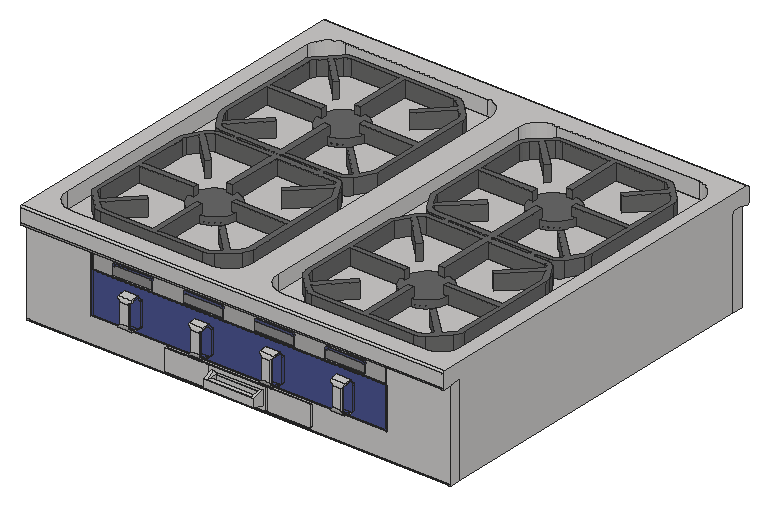
Revit family "QF_ELECTROLUXPROFESSIONAL_589082_MCGHAAJOPI", category Specialty Equipment, Revit 2018
Family settings
  Round Connector Dimension = Use Diameter
  Part Type = Normal
  Work Plane-Based = No
  Always vertical = Yes
  Cut with Voids When Loaded = No
  Shared = No
  Room Calculation Point = No
Parameters
  Weight in Pounds = 180.77
  Watts = 0 W
  URL Cutsheet = ""
  Type Mark [instance] = ""
  Status [instance] = ""
  Specification by User [instance] = ""
  Specification by Manufacturer = ""
  Show Clearance [instance] = yes
  Serial Number = ""
  Seismic Rating = ""
  SMACNA No = ""
  Revision Code [instance] = ""
  Omniclass Number and Title = ""
  NAFEM Spec ID Number = ""
  Model = "589082"
  Mechanical Remarks [instance] = ""
  Mechanical Connection Type [instance] = ""
  Masterspec = ""
  Manufacturer = "ELECTROLUX"
  Item Number [instance] = ""
  Installed By [instance] = ""
  Identify Quantity as Lot [instance] = yes
  HP = "0 HP"
  Gas Size = 1/2"
  Gas RI Height [instance] = 0 mm
  Gas KW = 40
  Gas Input = 136360.0 Btu/h
  Gas Connection Height [instance] = 0 mm
  Furnished By [instance] = ""
  Foodservice Equipment Identifier [instance] = yes
  Direct Waste Size = 0"
  Description = "GAS TOP,4 BURNERS,ECO,1-S,1000X900X250H"
  CSI MasterFormat = ""
  CSI Master Format = ""
  Back Panel [instance] = yes
Reference planes
  plane 1 "BACK": y = 0
  plane 2: z = 0
  plane 3 "LEFT": x = 0
  plane 4 "RIGHT": x = 1000
  plane 5 "FRONT": y = -900
  plane 6 "TOP": z = 250
  plane 7: x = 500
  plane 8: y = -450
  plane 9: x = 965
  plane 10: y = -60.425
  plane 11: y = -1330
Forms (mm)
  Extrusion 1, solid, material "QF_Finishes_Stainless Steel"
    sketch origin (0, -487.128, 0) x (0, 1, 0) y (0, 0, 1)
      loop
        line (483.128, 250) -> (-408.872, 250)
        arc (-408.872, 250) -> (-411.7, 248.828) -> (-412.872, 246) r 4
        line (-412.872, 246) -> (-412.872, 214)
        arc (-412.872, 214) -> (-411.437, 210.931) -> (-408.161, 210.064) r 4
        line (-408.161, 210.064) -> (-392.872, 213) -> (-367.872, 213) -> (-367.872, 0) -> (441.714, 0) -> (441.714, 213) -> (465.765, 213) -> (482.433, 210.061)
        arc (482.433, 210.061) -> (485.699, 210.936) -> (487.128, 214) r 4
        line (487.128, 214) -> (487.128, 246)
        arc (487.128, 246) -> (485.956, 248.828) -> (483.128, 250) r 4
    from 0 to 1000
  Extrusion 2, solid, material "QF_Finishes_Stainless Steel", visible <- "Back Panel"
    sketch origin (0, 0.586, 0) x (0, 1, 0) y (0, 0, 1)
      loop
        line (-46, 0) -> (-21, 0) -> (-21, 212.833) -> (-21.949, 213) -> (-46, 213) -> (-46, 0)
    from 0 to 1000
  Extrusion 3, void
    sketch origin (653.786, 44.048, 250) x (1, 0, 0) y (0, -1, 0)
      loop
        line (-570.234, 89.462) -> (-234.333, 89.462)
        arc (-234.333, 89.462) -> (-199.707, 103.805) -> (-185.364, 138.432) r 48.97
        line (-185.364, 138.432) -> (-185.364, 850.078)
        arc (-185.364, 850.078) -> (-199.707, 884.705) -> (-234.333, 899.048) r 48.97
        line (-234.333, 899.048) -> (-570.234, 899.048)
        arc (-570.234, 899.048) -> (-605.59, 884.403) -> (-620.234, 849.048) r 50
        line (-620.234, 849.048) -> (-620.234, 139.462)
        arc (-620.234, 139.462) -> (-605.59, 104.107) -> (-570.234, 89.462) r 50
      loop
        line (264.679, 899.048) -> (-71.222, 899.048)
        arc (-71.222, 899.048) -> (-106.577, 884.403) -> (-121.222, 849.048) r 50
        line (-121.222, 849.048) -> (-121.222, 139.462)
        arc (-121.222, 139.462) -> (-106.577, 104.107) -> (-71.222, 89.462) r 50
        line (-71.222, 89.462) -> (264.679, 89.462)
        arc (264.679, 89.462) -> (299.306, 103.805) -> (313.649, 138.432) r 48.97
        line (313.649, 138.432) -> (313.649, 850.078)
        arc (313.649, 850.078) -> (299.306, 884.705) -> (264.679, 899.048) r 48.97
    from 0 to 37
  Extrusion 4, solid, material "QF_Finishes_Stainless Steel"
    sketch origin (10, -759, 0) x (1, 0, 0) y (0, -1, 0)
      loop
        circle (955, -169) r 6.35
    from 0 to 3.2
  Extrusion 5, solid, material "QF_Door-Drawer Clearances", visible <- "Show Clearance", detail levels coarse
    sketch origin (-178.969, -4572, 0) x (-1, 0, 0) y (0, -1, 0)
      loop
        line (-507.364, -3689.407) -> (-507.364, -3242) -> (-851.364, -3242) -> (-851.364, -3689.407) -> (-507.364, -3689.407)
    from 8.012 to 59.392
Cuts and joins
  Extrusion 3 cuts Extrusion 1
Lines and regions (mm)
  symbolic lines
    curve 1: line (0, 0, 0) -> (1000, 0, 0)
    curve 2: line (0, -900, 0) -> (0, 0, 0)
    curve 3: line (1000, -900, 0) -> (0, -900, 0)
    curve 4: line (1000, 0, 0) -> (1000, -900, 0)
    curve 5: arc (83.552, -855, 0) -> (48.197, -840.355, 0) -> (33.552, -805, 0) r 50
    curve 6: line (33.552, -805, 0) -> (33.552, -95.414, 0)
    curve 7: arc (33.552, -95.414, 0) -> (48.197, -60.059, 0) -> (83.552, -45.414, 0) r 50
    curve 8: line (83.552, -45.414, 0) -> (417.592, -45.414, 0)
    curve 9: arc (918.465, -45.414, 0) -> (953.092, -59.757, 0) -> (967.435, -94.384, 0) r 48.97
    curve 10: line (967.435, -94.384, 0) -> (967.435, -806.03, 0)
    curve 11: arc (967.435, -806.03, 0) -> (953.092, -840.657, 0) -> (918.465, -855, 0) r 48.97
    curve 12: line (918.465, -855, 0) -> (582.408, -855, 0)
    curve 13: line (582.408, -45.414, 0) -> (918.465, -45.414, 0)
    curve 14: line (417.592, -855, 0) -> (83.552, -855, 0)
    curve 15: arc (582.408, -855, 0) -> (547.053, -840.355, 0) -> (532.408, -805, 0) r 50
    curve 16: line (532.408, -805, 0) -> (532.408, -95.414, 0)
    curve 17: arc (532.408, -95.414, 0) -> (547.053, -60.059, 0) -> (582.408, -45.414, 0) r 50
    curve 18: arc (417.592, -855, 0) -> (452.947, -840.355, 0) -> (467.592, -805, 0) r 50
    curve 19: line (467.592, -805, 0) -> (467.592, -95.414, 0)
    curve 20: arc (467.592, -95.414, 0) -> (452.947, -60.059, 0) -> (417.592, -45.414, 0) r 50
  symbolic lines, style "QF_Door-Drawer Clearances"
    curve 21: line (328.395, -900, 0) -> (328.395, -1330, 0)
    curve 22: line (328.395, -1330, 0) -> (672.395, -1330, 0)
    curve 23: line (672.395, -1330, 0) -> (672.395, -900, 0)
Dimensions and locks
  plane 3 "LEFT" to plane 4 "RIGHT" = 1000 mm
  plane 5 "FRONT" to plane 1 "BACK" = 900 mm
  equal spacing: plane 3 "LEFT", plane 7, plane 4 "RIGHT"
  equal spacing: plane 5 "FRONT", plane 8, plane 1 "BACK"
  plane 6 "TOP" to level = 250 mm  (x2)
  plane 1 "BACK" to plane 5 "FRONT" = 900 mm
  Extrusion 4 sketch curve to plane 1 "BACK" = 590 mm
  Extrusion 4 sketch curve to plane 4 "RIGHT" = 35 mm
  plane 1 "BACK" to Extrusion 4 = 590 mm
  plane 9 to plane 4 "RIGHT" = 35 mm
  plane 5 "FRONT" to plane 11 = 430 mm
  aligned and locked: level to plane 2
  aligned and locked: Extrusion 1 to plane 4 "RIGHT"
Automatic sketch dimensions
  Extrusion 1 sketch curve to plane 5 "FRONT" = 0 mm
  Extrusion 1 sketch curve to plane 6 "TOP" = 0 mm
  Extrusion 1 sketch curve to level = 0 mm
  Extrusion 1 sketch curve to plane 1 "BACK" = 0 mm
  Extrusion 1 sketch curve to plane 6 "TOP" = 37 mm  (x2)
  Extrusion 1 sketch curve to plane 5 "FRONT" = 4 mm
  Extrusion 1 sketch curve to plane 5 "FRONT" = 20 mm
  Extrusion 1 sketch curve to plane 5 "FRONT" = 45 mm
  plane 1 "BACK" to Extrusion 1 sketch curve = 21.363 mm
  plane 1 "BACK" to Extrusion 1 sketch curve = 4 mm  (x2)
  Extrusion 1 sketch curve to Extrusion 1 sketch curve = 4 mm
  Extrusion 1 sketch curve to Extrusion 1 sketch curve = 0.711 mm
  plane 1 "BACK" to Extrusion 1 sketch curve = 4.695 mm
  Extrusion 1 sketch curve to Extrusion 1 sketch curve = 0 mm  (x2)
  Extrusion 1 sketch curve to Extrusion 1 sketch curve = 1 mm  (x2)
  plane 1 "BACK" to Extrusion 1 sketch curve = 45.414 mm
  Extrusion 2 sketch curve to level = 0 mm
  plane 10 to Extrusion 2 sketch curve = 15.012 mm
  Extrusion 2 sketch curve to plane 6 "TOP" = 37.167 mm
  Extrusion 2 sketch curve to Extrusion 2 sketch curve = 0.949 mm
  plane 1 "BACK" to Extrusion 2 sketch curve = 20.414 mm
  Extrusion 2 sketch curve to plane 6 "TOP" = 37 mm
  plane 1 "BACK" to curve 1 = 0 mm
  curve 1 to plane 4 "RIGHT" = 0 mm
  curve 3 to plane 3 "LEFT" = 0 mm
  plane 5 "FRONT" to curve 3 = 0 mm
  curve 10 to plane 9 = 2.435 mm
  plane 10 to curve 13 = 15.012 mm
  plane 9 to curve 13 = 46.535 mm
  plane 9 to curve 12 = 46.535 mm
  plane 7 to curve 16 = 32.408 mm
  curve 19 to plane 7 = 32.408 mm
  plane 3 "LEFT" to curve 8 = 83.552 mm
  plane 3 "LEFT" to curve 14 = 83.552 mm
  plane 3 "LEFT" to curve 6 = 33.552 mm
  curve 15 to curve 16 = 50 mm
  curve 20 to plane 10 = 34.988 mm
  curve 18 to plane 5 "FRONT" = 45 mm
  curve 19 to curve 18 = 50 mm
  Extrusion 1 to Extrusion 3 sketch curve = 33.552 mm
  Extrusion 1 to Extrusion 3 sketch curve = 41 mm  (x2)
  Extrusion 3 sketch curve to Extrusion 3 sketch curve = 50 mm  (x4)
  Extrusion 1 to Extrusion 3 sketch curve = 41.414 mm
  Extrusion 3 sketch curve to Extrusion 3 sketch curve = 335.901 mm  (x2)
  Extrusion 3 sketch curve to Extrusion 3 sketch curve = 48.97 mm
  Extrusion 3 sketch curve to Extrusion 3 sketch curve = 64.142 mm
  Extrusion 1 to Extrusion 3 sketch curve = 81.535 mm  (x2)
  Extrusion 1 to Extrusion 3 sketch curve = 32.565 mm
  Extrusion 3 sketch curve to Extrusion 3 sketch curve = 1.03 mm
  curve 18 to curve 16 = 0 mm
  plane 10 to curve 8 = 15.012 mm
  curve 16 to plane 10 = 34.988 mm
  Extrusion 5 sketch curve to plane 5 "FRONT" = 17.407 mm
  plane 7 to Extrusion 5 sketch curve = 172.395 mm
  Extrusion 5 sketch curve to plane 7 = 171.605 mm
  plane 5 "FRONT" to Extrusion 5 sketch curve = 430 mm
  curve 21 to plane 11 = 0 mm
  curve 21 to plane 7 = 171.605 mm
  plane 7 to curve 22 = 172.395 mm
  curve 21 to plane 5 "FRONT" = 0 mm
  curve 23 to plane 5 "FRONT" = 0 mm
  radius of Extrusion 4 sketch curve = 6.35 mm
Nested families
  nested 1: "OBT_900_Open Burner" at (250, -450.207, -649.319), type "OBT_900_Open Burner"
  nested 2: "OBT_900_Open Burner" at (750, -450.207, -649.319) x (-1, 0, 0) z (0, 0, 1), type "OBT_900_Open Burner"
  nested 3: "EG_900_1000_Four Range Control Handle Front Panel" at (202.376, -855, -650), type "EG_900_1000_Four Range Control Handle Front Panel"
Connectors
  piping at (965, -590, -3.2), diameter 12.8
    settings: on Extrusion 4, index 1, connector inside diameter 0.50394", connector length 0 mm, flow factor 0, pipe flow 0 GPM, pressure drop 0.00 psi, fitting loss kfactor 0, connector angle 0.00°, fixture units 0, engagement length 0 mm, angle of deflection 0.00°, flow configuration 1, flow direction 1, fitting loss method 0, system type 7, joint type 0, gender type 0, connector reference index -1, connector utility 0, adjustable connector no, is connector primary yes, connector description "GAS CONNECTION"
Definition of nested family "OBT_900_Open Burner"
  Reference planes
    plane 1 "Center (Front/Back)": y = 0
    plane 2: z = 0
    plane 3 "Center (Left/Right)": x = 0
    plane 4: x = -186.448
    plane 5: x = 187.435
    plane 6: y = 374.793
    plane 7: y = -374.793
    plane 8: y = -188.326
  Forms (mm)
    Extrusion 1, solid
      sketch origin (2130.573, 56.896, -679.622) x (1, 0, 0) y (0, 1, 0)
        loop
          line (-2137.44, 306.49) -> (-2250.793, 306.49)
          arc (-2250.793, 306.49) -> (-2257.908, 305.075) -> (-2263.94, 301.044) r 18.593
          line (-2263.94, 301.044) -> (-2276.233, 288.751) -> (-2213.48, 225.998) -> (-2221.6, 217.877) -> (-2284.354, 280.631) -> (-2300.33, 264.654)
          arc (-2300.33, 264.654) -> (-2304.433, 258.337) -> (-2305.614, 250.897) r 18.125
          line (-2305.614, 250.897) -> (-2305.614, 138.422) -> (-2175.79, 138.422) -> (-2175.79, 126.938) -> (-2305.614, 126.938) -> (-2305.614, 10.897)
          arc (-2305.614, 10.897) -> (-2304.981, 6.085) -> (-2303.123, 1.601) r 18.593
          line (-2303.123, 1.601) -> (-2290.078, -20.994) -> (-2221.6, 47.483) -> (-2213.48, 39.363) -> (-2284.012, -31.169)
          arc (-2284.012, -31.169) -> (-2278.546, -38.527) -> (-2270.23, -42.379) r 18.593
          line (-2270.23, -42.379) -> (-2137.44, -42.379) -> (-2137.44, 87.464) -> (-2123.707, 87.464) -> (-2123.707, -42.379) -> (-1989.813, -42.379)
          arc (-1989.813, -42.379) -> (-1981.496, -38.527) -> (-1976.031, -31.169) r 18.593
          line (-1976.031, -31.169) -> (-2047.115, 39.915) -> (-2038.994, 48.035) -> (-1969.962, -20.997) -> (-1954.428, 5.916) -> (-1954.428, 126.938) -> (-2085.357, 126.938) -> (-2085.357, 138.422) -> (-1954.428, 138.422) -> (-1954.428, 247.888)
          arc (-1954.428, 247.888) -> (-1956.538, 258.496) -> (-1962.547, 267.489) r 27.72
          line (-1962.547, 267.489) -> (-1975.689, 280.631) -> (-2038.994, 217.325) -> (-2047.115, 225.446) -> (-1983.809, 288.751) -> (-1996.102, 301.044)
          arc (-1996.102, 301.044) -> (-2002.134, 305.075) -> (-2009.25, 306.49) r 18.593
          line (-2009.25, 306.49) -> (-2123.707, 306.49) -> (-2123.707, 177.897) -> (-2137.44, 177.897) -> (-2137.44, 306.49)
        loop
          arc (-2317.021, 10.897) -> (-2315.999, 3.132) -> (-2313.002, -4.103) r 30
          line (-2313.002, -4.103) -> (-2292.795, -39.103)
          arc (-2292.795, -39.103) -> (-2281.814, -50.084) -> (-2266.814, -54.103) r 30
          line (-2266.814, -54.103) -> (-2239.287, -54.103)
          arc (-2239.287, -54.103) -> (-2238.243, -56) -> (-2236.272, -56.896) r 3.438
          arc (-2236.272, -56.896) -> (-2238.243, -57.792) -> (-2239.287, -59.689) r 3.438
          line (-2239.287, -59.689) -> (-2266.814, -59.689)
          arc (-2266.814, -59.689) -> (-2281.814, -63.708) -> (-2292.795, -74.689) r 30
          line (-2292.795, -74.689) -> (-2313.002, -109.689)
          arc (-2313.002, -109.689) -> (-2315.999, -116.924) -> (-2317.021, -124.689) r 30
          line (-2317.021, -124.689) -> (-2317.021, -365.461)
          arc (-2317.021, -365.461) -> (-2314.738, -376.941) -> (-2308.234, -386.674) r 30
          line (-2308.234, -386.674) -> (-2271.975, -422.933)
          arc (-2271.975, -422.933) -> (-2262.253, -429.414) -> (-2250.793, -431.689) r 30
          line (-2250.793, -431.689) -> (-2009.25, -431.689)
          arc (-2009.25, -431.689) -> (-1997.786, -429.412) -> (-1988.062, -422.928) r 30
          line (-1988.062, -422.928) -> (-1951.808, -386.674)
          arc (-1951.808, -386.674) -> (-1945.305, -376.941) -> (-1942.982, -365.461) r 30
          line (-1942.982, -365.461) -> (-1942.982, -116.719) -> (-1967.248, -74.689)
          arc (-1967.248, -74.689) -> (-1978.229, -63.708) -> (-1993.229, -59.689) r 30
          line (-1993.229, -59.689) -> (-2020.319, -59.689)
          arc (-2020.319, -59.689) -> (-2021.979, -57.759) -> (-2024.375, -56.896) r 5
          arc (-2024.375, -56.896) -> (-2021.979, -56.033) -> (-2020.319, -54.103) r 5
          line (-2020.319, -54.103) -> (-1993.229, -54.103)
          arc (-1993.229, -54.103) -> (-1978.229, -50.084) -> (-1967.248, -39.103) r 30
          line (-1967.248, -39.103) -> (-1943.138, 2.656) -> (-1943.138, 254.314)
          arc (-1943.138, 254.314) -> (-1945.839, 264.361) -> (-1951.808, 272.882) r 30
          line (-1951.808, 272.882) -> (-1988.062, 309.136)
          arc (-1988.062, 309.136) -> (-1997.786, 315.62) -> (-2009.25, 317.897) r 30
          line (-2009.25, 317.897) -> (-2250.793, 317.897)
          arc (-2250.793, 317.897) -> (-2262.253, 315.622) -> (-2271.975, 309.141) r 30
          line (-2271.975, 309.141) -> (-2308.234, 272.882)
          arc (-2308.234, 272.882) -> (-2314.738, 263.149) -> (-2317.021, 251.669) r 30
          line (-2317.021, 251.669) -> (-2317.021, 10.897)
        loop
          arc (-2122.397, -54.103) -> (-2124.057, -56.033) -> (-2126.452, -56.896) r 5
          arc (-2126.452, -56.896) -> (-2124.057, -57.759) -> (-2122.397, -59.689) r 5
          line (-2122.397, -59.689) -> (-2035.829, -59.689)
          arc (-2035.829, -59.689) -> (-2034.784, -57.792) -> (-2032.813, -56.896) r 3.438
          arc (-2032.813, -56.896) -> (-2034.784, -56) -> (-2035.829, -54.103) r 3.438
          line (-2035.829, -54.103) -> (-2122.397, -54.103)
        loop
          arc (-2223.778, -54.103) -> (-2225.438, -56.033) -> (-2227.833, -56.896) r 5
          arc (-2227.833, -56.896) -> (-2225.438, -57.759) -> (-2223.778, -59.689) r 5
          line (-2223.778, -59.689) -> (-2137.906, -59.689)
          arc (-2137.906, -59.689) -> (-2136.862, -57.792) -> (-2134.891, -56.896) r 3.438
          arc (-2134.891, -56.896) -> (-2136.862, -56) -> (-2137.906, -54.103) r 3.438
          line (-2137.906, -54.103) -> (-2223.778, -54.103)
        loop
          line (-2137.44, -420.282) -> (-2137.44, -290.439) -> (-2123.707, -290.439) -> (-2123.707, -420.282) -> (-2009.25, -420.282)
          arc (-2009.25, -420.282) -> (-2002.134, -418.867) -> (-1996.102, -414.836) r 18.593
          line (-1996.102, -414.836) -> (-1983.184, -401.918) -> (-2047.115, -337.988) -> (-2038.994, -329.867) -> (-1975.064, -393.798) -> (-1962.547, -381.281)
          arc (-1962.547, -381.281) -> (-1956.538, -372.288) -> (-1954.428, -361.68) r 27.72
          line (-1954.428, -361.68) -> (-1954.428, -250.964) -> (-2085.357, -250.964) -> (-2085.357, -239.48) -> (-1954.428, -239.48) -> (-1954.428, -119.708) -> (-1970.42, -92.003) -> (-2038.994, -160.577) -> (-2047.115, -152.457) -> (-1976.413, -81.755)
          arc (-1976.413, -81.755) -> (-1981.868, -74.971) -> (-1989.813, -71.413) r 18.593
          line (-1989.813, -71.413) -> (-2123.707, -71.413) -> (-2123.707, -200.006) -> (-2137.44, -200.006) -> (-2137.44, -71.413) -> (-2270.23, -71.413)
          arc (-2270.23, -71.413) -> (-2278.175, -74.971) -> (-2283.629, -81.755) r 18.593
          line (-2283.629, -81.755) -> (-2213.48, -151.905) -> (-2221.6, -160.025) -> (-2289.62, -92.005) -> (-2303.123, -115.393)
          arc (-2303.123, -115.393) -> (-2304.981, -119.877) -> (-2305.614, -124.689) r 18.593
          line (-2305.614, -124.689) -> (-2305.614, -239.48) -> (-2175.79, -239.48) -> (-2175.79, -250.964) -> (-2305.614, -250.964) -> (-2305.614, -364.689)
          arc (-2305.614, -364.689) -> (-2304.433, -372.129) -> (-2300.33, -378.446) r 18.125
          line (-2300.33, -378.446) -> (-2284.979, -393.798) -> (-2221.6, -330.419) -> (-2213.48, -338.54) -> (-2276.858, -401.918) -> (-2263.94, -414.836)
          arc (-2263.94, -414.836) -> (-2257.908, -418.867) -> (-2250.793, -420.282) r 18.593
          line (-2250.793, -420.282) -> (-2137.44, -420.282)
      from 1542.072 to 1578.941
    Extrusion 2, solid
      sketch origin (2130.573, 61.122, 0) x (1, 0, 0) y (0, 1, 0)
        loop
          circle (-2130.573, -249.448) r 55
        loop
          circle (-2130.573, 128.455) r 55
      from 862.45 to 879.837
    Extrusion 3, void
      sketch origin (-124.371, -355.785, -22.784) x (-0.587785, -0.809017, 0) y (0, 0, 1)
        loop
          circle (-213.495, 891.283) r 1
      from -67.69 to -35.114
    Extrusion 4, void
      sketch origin (-89.903, -376.417, -22.784) x (-0.422618, -0.906308, 0) y (0, 0, 1)
        loop
          circle (-213.495, 891.283) r 1
      from -74.826 to -35.114
    Extrusion 5, void
      sketch origin (-52.131, -390.093, -22.784) x (-0.241922, -0.970296, 0) y (0, 0, 1)
        loop
          circle (-213.495, 891.283) r 1
      from -67.69 to -35.114
    Extrusion 6, void
      sketch origin (27.702, -394.842, -22.784) x (0.139173, -0.990268, 0) y (0, 0, 1)
        loop
          circle (-213.495, 891.283) r 1
      from -67.69 to -35.114
    Extrusion 7, void
      sketch origin (66.829, -385.74, -22.784) x (0.325568, -0.945519, 0) y (0, 0, 1)
        loop
          circle (-213.495, 891.283) r 1
      from -67.69 to -35.114
    Extrusion 8, void
      sketch origin (103.5, -369.339, -22.784) x (0.5, -0.866025, 0) y (0, 0, 1)
        loop
          circle (-213.495, 891.283) r 1
      from -67.69 to -35.114
    Extrusion 9, void
      sketch origin (136.368, -346.242, -22.784) x (0.656059, -0.75471, 0) y (0, 0, 1)
        loop
          circle (-213.495, 891.283) r 1
      from -67.69 to -35.114
    Extrusion 10, void
      sketch origin (164.225, -317.298, -22.784) x (0.788011, -0.615661, 0) y (0, 0, 1)
        loop
          circle (-213.495, 891.283) r 1
      from -67.69 to -35.114
    Extrusion 11, void
      sketch origin (186.048, -283.571, -22.784) x (0.891007, -0.45399, 0) y (0, 0, 1)
        loop
          circle (-213.495, 891.283) r 1
      from -67.69 to -35.114
    Extrusion 12, void
      sketch origin (201.034, -246.299, -22.784) x (0.961262, -0.275637, 0) y (0, 0, 1)
        loop
          circle (-213.495, 891.283) r 1
      from -67.69 to -35.114
    Extrusion 13, void
      sketch origin (208.566, -166.681, -22.784) x (0.994522, 0.104528, 0) y (0, 0, 1)
        loop
          circle (-213.495, 891.283) r 1
      from -67.69 to -35.114
    Extrusion 14, void
      sketch origin (200.835, -127.26, -22.784) x (0.956305, 0.292372, 0) y (0, 0, 1)
        loop
          circle (-213.495, 891.283) r 1
      from -67.69 to -35.114
    Extrusion 15, void
      sketch origin (185.724, -90.039, -22.784) x (0.882948, 0.469472, 0) y (0, 0, 1)
        loop
          circle (-213.495, 891.283) r 1
      from -67.69 to -35.114
    Extrusion 16, void
      sketch origin (163.788, -56.385, -22.784) x (0.777146, 0.62932, 0) y (0, 0, 1)
        loop
          circle (-213.495, 891.283) r 1
      from -67.69 to -35.114
    Extrusion 17, void
      sketch origin (135.834, -27.534, -22.784) x (0.642788, 0.766044, 0) y (0, 0, 1)
        loop
          circle (-213.495, 891.283) r 1
      from -67.69 to -35.114
    Extrusion 18, void
      sketch origin (102.889, -4.548, -22.784) x (0.48481, 0.87462, 0) y (0, 0, 1)
        loop
          circle (-213.495, 891.283) r 1
      from -67.69 to -35.114
    Extrusion 19, void
      sketch origin (66.163, 11.73, -22.784) x (0.309017, 0.951057, 0) y (0, 0, 1)
        loop
          circle (-213.495, 891.283) r 1
      from -67.69 to -35.114
    Extrusion 20, void
      sketch origin (-52.811, 15.685, -22.784) x (-0.258819, 0.965926, 0) y (0, 0, 1)
        loop
          circle (-213.495, 891.283) r 1
      from -67.69 to -35.114
    Extrusion 21, void
      sketch origin (-90.537, 1.882, -22.784) x (-0.438371, 0.898794, 0) y (0, 0, 1)
        loop
          circle (-213.495, 891.283) r 1
      from -67.69 to -35.114
    Extrusion 22, void
      sketch origin (-124.936, -18.865, -22.784) x (-0.601815, 0.798636, 0) y (0, 0, 1)
        loop
          circle (-213.495, 891.283) r 1
      from -67.69 to -35.114
    Extrusion 23, void
      sketch origin (-154.744, -45.796, -22.784) x (-0.743145, 0.669131, 0) y (0, 0, 1)
        loop
          circle (-213.495, 891.283) r 1
      from -67.69 to -35.114
    Extrusion 24, void
      sketch origin (-178.866, -77.919, -22.784) x (-0.857167, 0.515038, 0) y (0, 0, 1)
        loop
          circle (-213.495, 891.283) r 1
      from -67.69 to -35.114
    Extrusion 25, void
      sketch origin (-196.416, -114.054, -22.784) x (-0.939693, 0.34202, 0) y (0, 0, 1)
        loop
          circle (-213.495, 891.283) r 1
      from -67.69 to -35.114
    Extrusion 26, void
      sketch origin (-204.521, -232.817, -22.784) x (-0.97437, -0.224951, 0) y (0, 0, 1)
        loop
          circle (-213.495, 891.283) r 1
      from -67.69 to -35.114
    Extrusion 27, void
      sketch origin (-192.043, -271.002, -22.784) x (-0.913545, -0.406737, 0) y (0, 0, 1)
        loop
          circle (-213.495, 891.283) r 1
      from -67.69 to -35.114
    Extrusion 28, void
      sketch origin (-172.509, -306.104, -22.784) x (-0.819152, -0.573576, 0) y (0, 0, 1)
        loop
          circle (-213.495, 891.283) r 1
      from -67.69 to -35.114
    Extrusion 29, void
      sketch origin (-146.635, -336.834, -22.784) x (-0.694658, -0.71934, 0) y (0, 0, 1)
        loop
          circle (-213.495, 891.283) r 1
      from -67.69 to -35.114
    Extrusion 30, void
      sketch origin (-124.371, 22.118, -22.784) x (-0.587785, -0.809017, 0) y (0, 0, 1)
        loop
          circle (-213.495, 891.283) r 1
      from -67.69 to -35.114
    Extrusion 31, void
      sketch origin (-89.903, 1.485, -22.784) x (-0.422618, -0.906308, 0) y (0, 0, 1)
        loop
          circle (-213.495, 891.283) r 1
      from -74.826 to -35.114
    Extrusion 32, void
      sketch origin (-52.131, -12.191, -22.784) x (-0.241922, -0.970296, 0) y (0, 0, 1)
        loop
          circle (-213.495, 891.283) r 1
      from -67.69 to -35.114
    Extrusion 33, void
      sketch origin (27.702, -16.939, -22.784) x (0.139173, -0.990268, 0) y (0, 0, 1)
        loop
          circle (-213.495, 891.283) r 1
      from -67.69 to -35.114
    Extrusion 34, void
      sketch origin (66.829, -7.837, -22.784) x (0.325568, -0.945519, 0) y (0, 0, 1)
        loop
          circle (-213.495, 891.283) r 1
      from -67.69 to -35.114
    Extrusion 35, void
      sketch origin (103.5, 8.564, -22.784) x (0.5, -0.866025, 0) y (0, 0, 1)
        loop
          circle (-213.495, 891.283) r 1
      from -67.69 to -35.114
    Extrusion 36, void
      sketch origin (136.368, 31.66, -22.784) x (0.656059, -0.75471, 0) y (0, 0, 1)
        loop
          circle (-213.495, 891.283) r 1
      from -67.69 to -35.114
    Extrusion 37, void
      sketch origin (164.225, 60.604, -22.784) x (0.788011, -0.615661, 0) y (0, 0, 1)
        loop
          circle (-213.495, 891.283) r 1
      from -67.69 to -35.114
    Extrusion 38, void
      sketch origin (186.048, 94.332, -22.784) x (0.891007, -0.45399, 0) y (0, 0, 1)
        loop
          circle (-213.495, 891.283) r 1
      from -67.69 to -35.114
    Extrusion 39, void
      sketch origin (201.034, 131.603, -22.784) x (0.961262, -0.275637, 0) y (0, 0, 1)
        loop
          circle (-213.495, 891.283) r 1
      from -67.69 to -35.114
    Extrusion 40, void
      sketch origin (208.566, 211.222, -22.784) x (0.994522, 0.104528, 0) y (0, 0, 1)
        loop
          circle (-213.495, 891.283) r 1
      from -67.69 to -35.114
    Extrusion 41, void
      sketch origin (200.835, 250.642, -22.784) x (0.956305, 0.292372, 0) y (0, 0, 1)
        loop
          circle (-213.495, 891.283) r 1
      from -67.69 to -35.114
    Extrusion 42, void
      sketch origin (185.724, 287.864, -22.784) x (0.882948, 0.469472, 0) y (0, 0, 1)
        loop
          circle (-213.495, 891.283) r 1
      from -67.69 to -35.114
    Extrusion 43, void
      sketch origin (163.788, 321.518, -22.784) x (0.777146, 0.62932, 0) y (0, 0, 1)
        loop
          circle (-213.495, 891.283) r 1
      from -67.69 to -35.114
    Extrusion 44, void
      sketch origin (135.834, 350.368, -22.784) x (0.642788, 0.766044, 0) y (0, 0, 1)
        loop
          circle (-213.495, 891.283) r 1
      from -67.69 to -35.114
    Extrusion 45, void
      sketch origin (102.889, 373.355, -22.784) x (0.48481, 0.87462, 0) y (0, 0, 1)
        loop
          circle (-213.495, 891.283) r 1
      from -67.69 to -35.114
    Extrusion 46, void
      sketch origin (66.163, 389.633, -22.784) x (0.309017, 0.951057, 0) y (0, 0, 1)
        loop
          circle (-213.495, 891.283) r 1
      from -67.69 to -35.114
    Extrusion 47, void
      sketch origin (-52.811, 393.588, -22.784) x (-0.258819, 0.965926, 0) y (0, 0, 1)
        loop
          circle (-213.495, 891.283) r 1
      from -67.69 to -35.114
    Extrusion 48, void
      sketch origin (-90.537, 379.785, -22.784) x (-0.438371, 0.898794, 0) y (0, 0, 1)
        loop
          circle (-213.495, 891.283) r 1
      from -67.69 to -35.114
    Extrusion 49, void
      sketch origin (-124.936, 359.037, -22.784) x (-0.601815, 0.798636, 0) y (0, 0, 1)
        loop
          circle (-213.495, 891.283) r 1
      from -67.69 to -35.114
    Extrusion 50, void
      sketch origin (-154.744, 332.107, -22.784) x (-0.743145, 0.669131, 0) y (0, 0, 1)
        loop
          circle (-213.495, 891.283) r 1
      from -67.69 to -35.114
    Extrusion 51, void
      sketch origin (-178.866, 299.984, -22.784) x (-0.857167, 0.515038, 0) y (0, 0, 1)
        loop
          circle (-213.495, 891.283) r 1
      from -67.69 to -35.114
    Extrusion 52, void
      sketch origin (-196.416, 263.848, -22.784) x (-0.939693, 0.34202, 0) y (0, 0, 1)
        loop
          circle (-213.495, 891.283) r 1
      from -67.69 to -35.114
    Extrusion 53, void
      sketch origin (-204.521, 145.086, -22.784) x (-0.97437, -0.224951, 0) y (0, 0, 1)
        loop
          circle (-213.495, 891.283) r 1
      from -67.69 to -35.114
    Extrusion 54, void
      sketch origin (-192.043, 106.901, -22.784) x (-0.913545, -0.406737, 0) y (0, 0, 1)
        loop
          circle (-213.495, 891.283) r 1
      from -67.69 to -35.114
    Extrusion 55, void
      sketch origin (-172.509, 71.798, -22.784) x (-0.819152, -0.573576, 0) y (0, 0, 1)
        loop
          circle (-213.495, 891.283) r 1
      from -67.69 to -35.114
    Extrusion 56, void
      sketch origin (-146.635, 41.068, -22.784) x (-0.694658, -0.71934, 0) y (0, 0, 1)
        loop
          circle (-213.495, 891.283) r 1
      from -67.69 to -35.114
  Cuts and joins
    Extrusion 3, Extrusion 4, Extrusion 5, Extrusion 6, Extrusion 7, Extrusion 8, Extrusion 9, Extrusion 10, Extrusion 11, Extrusion 12, Extrusion 13, Extrusion 14, Extrusion 15, Extrusion 16, Extrusion 17, Extrusion 18, Extrusion 19, Extrusion 20, Extrusion 21, Extrusion 22, Extrusion 23, Extrusion 24, Extrusion 25, Extrusion 26, Extrusion 27, Extrusion 28, Extrusion 29, Extrusion 30, Extrusion 31, Extrusion 32, Extrusion 33, Extrusion 34, Extrusion 35, Extrusion 36, Extrusion 37, Extrusion 38, Extrusion 39, Extrusion 40, Extrusion 41, Extrusion 42, Extrusion 43, Extrusion 44, Extrusion 45, Extrusion 46, Extrusion 47, Extrusion 48, Extrusion 49, Extrusion 50, Extrusion 51, Extrusion 52, Extrusion 53, Extrusion 54, Extrusion 55, Extrusion 56 cuts Extrusion 2
    Extrusion 32 cuts Extrusion 1
  Lines and regions (mm)
    symbolic lines
      curve 1: arc (54.699, -182.584, 0) -> (39.289, -149.838, 0) -> (6.867, -133.757, 0) r 55
      curve 2: arc (-54.699, -194.068, 0) -> (-39.289, -226.815, 0) -> (-6.867, -242.896, 0) r 55
      curve 3: line (45.217, -194.068, 0) -> (176.145, -194.068, 0)
      curve 4: line (176.145, -194.068, 0) -> (176.145, -304.784, 0)
      curve 5: arc (176.145, -304.784, 0) -> (174.035, -315.392, 0) -> (168.026, -324.385, 0) r 27.72
      curve 6: line (168.026, -324.385, 0) -> (155.51, -336.902, 0)
      curve 7: line (155.51, -336.902, 0) -> (91.579, -272.971, 0)
      curve 8: line (83.459, -281.092, 0) -> (147.389, -345.022, 0)
      curve 9: line (147.389, -345.022, 0) -> (134.471, -357.94, 0)
      curve 10: arc (134.471, -357.94, 0) -> (128.439, -361.971, 0) -> (121.324, -363.386, 0) r 18.593
      curve 11: line (121.324, -363.386, 0) -> (6.867, -363.386, 0)
      curve 12: line (6.867, -363.386, 0) -> (6.867, -233.543, 0)
      curve 13: line (-6.867, -233.543, 0) -> (-6.867, -363.386, 0)
      curve 14: line (-6.867, -363.386, 0) -> (-120.219, -363.386, 0)
      curve 15: arc (-120.219, -363.386, 0) -> (-127.335, -361.971, 0) -> (-133.367, -357.94, 0) r 18.593
      curve 16: line (-133.367, -357.94, 0) -> (-146.285, -345.022, 0)
      curve 17: line (-146.285, -345.022, 0) -> (-82.906, -281.644, 0)
      curve 18: line (-91.027, -273.523, 0) -> (-154.405, -336.902, 0)
      curve 19: line (-154.405, -336.902, 0) -> (-169.757, -321.55, 0)
      curve 20: arc (-169.757, -321.55, 0) -> (-173.86, -315.233, 0) -> (-175.041, -307.793, 0) r 18.125
      curve 21: line (-175.041, -307.793, 0) -> (-175.041, -194.068, 0)
      curve 22: line (-175.041, -194.068, 0) -> (-45.217, -194.068, 0)
      curve 23: line (-45.217, -182.584, 0) -> (-175.041, -182.584, 0)
      curve 24: line (-175.041, -182.584, 0) -> (-175.041, -67.793, 0)
      curve 25: arc (-175.041, -67.793, 0) -> (-174.407, -62.981, 0) -> (-172.55, -58.497, 0) r 18.593
      curve 26: line (-172.55, -58.497, 0) -> (-159.047, -35.109, 0)
      curve 27: line (-159.047, -35.109, 0) -> (-91.027, -103.129, 0)
      curve 28: line (-82.906, -95.009, 0) -> (-153.056, -24.859, 0)
      curve 29: arc (-153.056, -24.859, 0) -> (-147.601, -18.075, 0) -> (-139.656, -14.517, 0) r 18.593
      curve 30: line (-139.656, -14.517, 0) -> (-6.867, -14.517, 0)
      curve 31: line (-6.867, -14.517, 0) -> (-6.867, -143.11, 0)
      curve 32: line (6.867, -143.11, 0) -> (6.867, -14.517, 0)
      curve 33: line (6.867, -14.517, 0) -> (140.761, -14.517, 0)
      curve 34: arc (140.761, -14.517, 0) -> (148.706, -18.075, 0) -> (154.16, -24.859, 0) r 18.593
      curve 35: line (154.16, -24.859, 0) -> (83.459, -95.561, 0)
      curve 36: line (91.579, -103.681, 0) -> (160.154, -35.107, 0)
      curve 37: line (160.154, -35.107, 0) -> (176.145, -62.812, 0)
      curve 38: line (176.145, -62.812, 0) -> (176.145, -182.584, 0)
      curve 39: line (176.145, -182.584, 0) -> (45.217, -182.584, 0)
      curve 40: line (187.592, -59.823, 0) -> (163.326, -17.793, 0)
      curve 41: arc (163.326, -17.793, 0) -> (152.345, -6.812, 0) -> (137.345, -2.793, 0) r 30
      curve 42: line (137.345, -2.793, 0) -> (110.254, -2.793, 0)
      curve 43: arc (110.254, -2.793, 0) -> (108.594, -0.863, 0) -> (106.199, 0, 0) r 5
      curve 44: arc (106.199, 0, 0) -> (108.594, 0.863, 0) -> (110.254, 2.793, 0) r 5
      curve 45: line (110.254, 2.793, 0) -> (137.345, 2.793, 0)
      curve 46: arc (137.345, 2.793, 0) -> (152.345, 6.812, 0) -> (163.326, 17.793, 0) r 30
      curve 47: line (163.326, 17.793, 0) -> (187.435, 59.552, 0)
      curve 48: line (187.435, 59.552, 0) -> (187.435, 311.21, 0)
      curve 49: arc (187.435, 311.21, 0) -> (184.735, 321.257, 0) -> (178.765, 329.778, 0) r 30
      curve 50: line (178.765, 329.778, 0) -> (142.511, 366.032, 0)
      curve 51: arc (142.511, 366.032, 0) -> (132.788, 372.516, 0) -> (121.324, 374.793, 0) r 30
      curve 52: line (121.324, 374.793, 0) -> (-120.219, 374.793, 0)
      curve 53: arc (-120.219, 374.793, 0) -> (-131.68, 372.518, 0) -> (-141.401, 366.037, 0) r 30
      curve 54: line (-141.401, 366.037, 0) -> (-177.661, 329.778, 0)
      curve 55: arc (-177.661, 329.778, 0) -> (-184.164, 320.045, 0) -> (-186.448, 308.565, 0) r 30
      curve 56: line (-186.448, 308.565, 0) -> (-186.448, 67.793, 0)
      curve 57: arc (-186.448, 67.793, 0) -> (-185.426, 60.028, 0) -> (-182.429, 52.793, 0) r 30
      curve 58: line (-182.429, 52.793, 0) -> (-162.221, 17.793, 0)
      curve 59: arc (-162.221, 17.793, 0) -> (-151.241, 6.812, 0) -> (-136.241, 2.793, 0) r 30
      curve 60: line (-136.241, 2.793, 0) -> (-108.714, 2.793, 0)
      curve 61: arc (-108.714, 2.793, 0) -> (-107.669, 0.896, 0) -> (-105.698, 0, 0) r 3.438
      curve 62: arc (-105.698, 0, 0) -> (-107.669, -0.896, 0) -> (-108.714, -2.793, 0) r 3.438
      curve 63: line (-108.714, -2.793, 0) -> (-136.241, -2.793, 0)
      curve 64: arc (-136.241, -2.793, 0) -> (-151.241, -6.812, 0) -> (-162.221, -17.793, 0) r 30
      curve 65: line (-162.221, -17.793, 0) -> (-182.429, -52.793, 0)
      curve 66: arc (-182.429, -52.793, 0) -> (-185.426, -60.028, 0) -> (-186.448, -67.793, 0) r 30
      curve 67: line (-186.448, -67.793, 0) -> (-186.448, -308.565, 0)
      curve 68: arc (-186.448, -308.565, 0) -> (-184.164, -320.045, 0) -> (-177.661, -329.778, 0) r 30
      curve 69: line (-177.661, -329.778, 0) -> (-141.401, -366.037, 0)
      curve 70: arc (-141.401, -366.037, 0) -> (-131.68, -372.518, 0) -> (-120.219, -374.793, 0) r 30
      curve 71: line (-120.219, -374.793, 0) -> (121.324, -374.793, 0)
      curve 72: arc (121.324, -374.793, 0) -> (132.788, -372.516, 0) -> (142.511, -366.032, 0) r 30
      curve 73: line (142.511, -366.032, 0) -> (178.765, -329.778, 0)
      curve 74: arc (178.765, -329.778, 0) -> (185.269, -320.045, 0) -> (187.552, -308.565, 0) r 30
      curve 75: line (187.592, -308.565, 0) -> (187.592, -59.823, 0)
      curve 76: line (94.745, -2.793, 0) -> (8.177, -2.793, 0)
      curve 77: arc (8.177, -2.793, 0) -> (6.517, -0.863, 0) -> (4.121, 0, 0) r 5
      curve 78: arc (4.121, 0, 0) -> (6.517, 0.863, 0) -> (8.177, 2.793, 0) r 5
      curve 79: line (8.177, 2.793, 0) -> (94.745, 2.793, 0)
      curve 80: arc (94.745, 2.793, 0) -> (95.789, 0.896, 0) -> (97.76, 0, 0) r 3.438
      curve 81: arc (97.76, 0, 0) -> (95.789, -0.896, 0) -> (94.745, -2.793, 0) r 3.438
      curve 82: line (-7.333, -2.793, 0) -> (-93.204, -2.793, 0)
      curve 83: arc (-93.204, -2.793, 0) -> (-94.864, -0.863, 0) -> (-97.26, 0, 0) r 5
      curve 84: arc (-97.26, 0, 0) -> (-94.864, 0.863, 0) -> (-93.204, 2.793, 0) r 5
      curve 85: line (-93.204, 2.793, 0) -> (-7.333, 2.793, 0)
      curve 86: arc (-7.333, 2.793, 0) -> (-6.288, 0.896, 0) -> (-4.317, 0, 0) r 3.438
      curve 87: arc (-4.317, 0, 0) -> (-6.288, -0.896, 0) -> (-7.333, -2.793, 0) r 3.438
      curve 88: line (-6.867, 14.517, 0) -> (-139.656, 14.517, 0)
      curve 89: arc (-139.656, 14.517, 0) -> (-147.973, 18.369, 0) -> (-153.438, 25.727, 0) r 18.593
      curve 90: line (-153.438, 25.727, 0) -> (-82.906, 96.259, 0)
      curve 91: line (-91.027, 104.379, 0) -> (-159.504, 35.902, 0)
      curve 92: line (-159.504, 35.902, 0) -> (-172.55, 58.497, 0)
      curve 93: arc (-172.55, 58.497, 0) -> (-174.407, 62.981, 0) -> (-175.041, 67.793, 0) r 18.593
      curve 94: line (-175.041, 67.793, 0) -> (-175.041, 183.834, 0)
      curve 95: line (-175.041, 183.834, 0) -> (-45.217, 183.834, 0)
      curve 96: line (-45.217, 195.318, 0) -> (-175.041, 195.318, 0)
      curve 97: line (-175.041, 195.318, 0) -> (-175.041, 307.793, 0)
      curve 98: arc (-175.041, 307.793, 0) -> (-173.86, 315.233, 0) -> (-169.757, 321.55, 0) r 18.125
      curve 99: line (-169.757, 321.55, 0) -> (-153.78, 337.527, 0)
      curve 100: line (-153.78, 337.527, 0) -> (-91.027, 274.773, 0)
      curve 101: line (-91.027, 274.773, 0) -> (-82.906, 282.894, 0)
      curve 102: line (-82.906, 282.894, 0) -> (-145.66, 345.647, 0)
      curve 103: line (-145.66, 345.647, 0) -> (-133.367, 357.94, 0)
      curve 104: arc (-133.367, 357.94, 0) -> (-127.335, 361.971, 0) -> (-120.219, 363.386, 0) r 18.593
      curve 105: line (-120.219, 363.386, 0) -> (-6.867, 363.386, 0)
      curve 106: line (-6.867, 363.386, 0) -> (-6.867, 234.793, 0)
      curve 107: line (-6.867, 234.793, 0) -> (6.867, 234.793, 0)
      curve 108: line (6.867, 234.793, 0) -> (6.867, 363.386, 0)
      curve 109: line (6.867, 363.386, 0) -> (121.324, 363.386, 0)
      curve 110: arc (121.324, 363.386, 0) -> (128.439, 361.971, 0) -> (134.471, 357.94, 0) r 18.593
      curve 111: line (134.471, 357.94, 0) -> (146.764, 345.647, 0)
      curve 112: line (146.764, 345.647, 0) -> (83.459, 282.342, 0)
      curve 113: line (91.579, 274.221, 0) -> (154.885, 337.527, 0)
      curve 114: line (154.885, 337.527, 0) -> (168.026, 324.385, 0)
      curve 115: arc (168.026, 324.385, 0) -> (174.035, 315.392, 0) -> (176.145, 304.784, 0) r 27.72
      curve 116: line (176.145, 304.784, 0) -> (176.145, 195.318, 0)
      curve 117: line (176.145, 195.318, 0) -> (45.217, 195.318, 0)
      curve 118: line (45.217, 183.834, 0) -> (176.145, 183.834, 0)
      curve 119: line (176.145, 183.834, 0) -> (176.145, 62.812, 0)
      curve 120: line (176.145, 62.812, 0) -> (160.611, 35.899, 0)
      curve 121: line (160.611, 35.899, 0) -> (91.579, 104.931, 0)
      curve 122: line (83.459, 96.811, 0) -> (154.543, 25.727, 0)
      curve 123: arc (154.543, 25.727, 0) -> (149.077, 18.369, 0) -> (140.761, 14.517, 0) r 18.593
      curve 124: line (140.761, 14.517, 0) -> (6.867, 14.517, 0)
      curve 125: line (6.867, 14.517, 0) -> (6.867, 144.36, 0)
      curve 126: line (6.867, 144.36, 0) -> (-6.867, 144.36, 0)
      curve 127: line (-6.867, 144.36, 0) -> (-6.867, 14.517, 0)
      curve 128: arc (-54.699, 183.834, 0) -> (-39.289, 151.088, 0) -> (-6.867, 135.007, 0) r 55
      curve 129: arc (54.699, 195.318, 0) -> (39.289, 228.065, 0) -> (6.867, 244.146, 0) r 55
      curve 130: arc (-6.867, 244.146, 0) -> (-39.289, 228.065, 0) -> (-54.699, 195.318, 0) r 55
      curve 131: arc (6.867, 135.007, 0) -> (39.289, 151.088, 0) -> (54.699, 183.834, 0) r 55
      curve 132: arc (-6.867, -133.757, 0) -> (-39.289, -149.838, 0) -> (-54.699, -182.584, 0) r 55
      curve 133: arc (6.867, -242.896, 0) -> (39.289, -226.815, 0) -> (54.699, -194.068, 0) r 55
      curve 134: line (-45.217, 183.834, 0) -> (-45.217, 195.318, 0)
      curve 135: line (45.217, 195.318, 0) -> (45.217, 183.834, 0)
      curve 136: line (91.579, 274.221, 0) -> (83.459, 282.342, 0)
      curve 137: line (-91.027, 104.379, 0) -> (-82.906, 96.259, 0)
      curve 138: line (91.579, 104.931, 0) -> (83.459, 96.811, 0)
      curve 139: line (-91.027, -103.129, 0) -> (-82.906, -95.009, 0)
      curve 140: line (83.459, -95.561, 0) -> (91.579, -103.681, 0)
      curve 141: line (45.217, -182.584, 0) -> (45.217, -194.068, 0)
      curve 142: line (-6.867, -143.11, 0) -> (6.867, -143.11, 0)
      curve 143: line (-45.217, -194.068, 0) -> (-45.217, -182.584, 0)
      curve 144: line (6.867, -233.543, 0) -> (-6.867, -233.543, 0)
      curve 145: line (91.579, -272.971, 0) -> (83.459, -281.092, 0)
      curve 146: line (-82.906, -281.644, 0) -> (-91.027, -273.523, 0)
  Dimensions and locks
    plane 5 to plane 4 = 373.883 mm
    equal spacing: Extrusion 1 sketch curve, plane 3 "Center (Left/Right)", Extrusion 1 sketch curve
Definition of nested family "EG_900_1000_Four Range Control Handle Front Panel"
  Reference planes
    plane 1 "Center (Front/Back)": y = 0
    plane 2: z = 0
    plane 3 "Center (Left/Right)": x = 297.624
    plane 4: x = -202.376
    plane 5: x = 797.624
    plane 6: y = -45
  Forms (mm)
    Extrusion 1, solid
      sketch origin (833.217, 829.203, -1.25) x (0, 1, 0) y (0, 0, 1)
        loop
          arc (-854.203, 654.25) -> (-853.324, 652.129) -> (-851.203, 651.25) r 3
          line (-851.203, 651.25) -> (-829.203, 651.25) -> (-829.203, 864.25) -> (-854.203, 864.25) -> (-854.203, 654.25)
      from -1035.593 to -35.593
    Extrusion 2, void
      sketch origin (33.217, 829.203, -1.25) x (1, 0, 0) y (0, 0, 1)
        loop
          line (-85.593, 855.116) -> (-85.593, 713.116) -> (614.407, 713.116) -> (614.407, 855.116) -> (-85.593, 855.116)
      from 848.59 to 854.203
  Cuts and joins
    Extrusion 2 cuts Extrusion 1
  Dimensions and locks
    equal spacing: plane 5, plane 3 "Center (Left/Right)", plane 4
    plane 5 to plane 4 = 1000 mm
    aligned and locked: cut or joined group of Extrusion 1, Extrusion 2 to plane 4
    aligned and locked: plane 5 to cut or joined group of Extrusion 1, Extrusion 2
    aligned and locked: plane 3 "Center (Left/Right)" to nested 2
    aligned and locked: cut or joined group of Extrusion 1, Extrusion 2 to nested 2
  Automatic sketch dimensions
    Extrusion 1 sketch curve to plane 1 "Center (Front/Back)" = 0 mm
    plane 1 "Center (Front/Back)" to Extrusion 1 sketch curve = 22 mm
    Extrusion 1 sketch curve to Extrusion 1 sketch curve = 3 mm
    level to Extrusion 1 sketch curve = 650 mm
    Extrusion 1 sketch curve to Extrusion 1 sketch curve = 210 mm
    plane 4 to Extrusion 2 sketch curve = 150 mm
    Extrusion 2 sketch curve to plane 5 = 150 mm
    level to Extrusion 2 sketch curve = 711.866 mm
    Extrusion 2 sketch curve to Extrusion 2 sketch curve = 142 mm
  Nested families
    nested 1: "Range Control Handle" at (46.32, -28.137, -209.113) x (-1, 0, 0) z (0, 0, 1), type "Range Control Handle"
    nested 2: "glass conrol panel" at (297.624, 280.644, 2.752), type "glass conrol panel"
    nested 3: "Range Control Handle" at (213.82, -28.137, -209.113) x (-1, 0, 0) z (0, 0, 1), type "Range Control Handle"
    nested 4: "Range Control Handle" at (381.32, -28.137, -209.113) x (-1, 0, 0) z (0, 0, 1), type "Range Control Handle"
    nested 5: "Range Control Handle" at (548.82, -28.137, -209.113) x (-1, 0, 0) z (0, 0, 1), type "Range Control Handle"
    nested 6: "grease trap door" at (230.025, -25, 0), type "grease trap door"
  Definition of nested family "Range Control Handle"
    Reference planes
      plane 1 "Center (Front/Back)": y = 0
      plane 2: z = 0
      plane 3 "Center (Left/Right)": x = 0
      plane 4: z = 971.092
      plane 5: y = -16.9
    Forms (mm)
      Extrusion 1, solid
        sketch origin (-746.28, 380.497, 208.931) x (-1, 0, 0) y (0, 0, 1)
          loop
            line (-770.101, 786.798) -> (-770.101, 731.649)
            arc (-770.101, 731.649) -> (-769.759, 730.563) -> (-768.855, 729.87) r 1.893
            line (-768.855, 729.87) -> (-763.474, 727.911) -> (-729.81, 727.911) -> (-724.428, 729.87)
            arc (-724.428, 729.87) -> (-723.525, 730.563) -> (-723.183, 731.649) r 1.893
            line (-723.183, 731.649) -> (-723.183, 786.798)
            arc (-723.183, 786.798) -> (-723.529, 787.894) -> (-724.44, 788.593) r 1.91
            line (-724.44, 788.593) -> (-729.683, 790.819) -> (-763.601, 790.819) -> (-768.844, 788.593)
            arc (-768.844, 788.593) -> (-769.755, 787.894) -> (-770.101, 786.798) r 1.91
        from -382.35 to -378.852
      Sweep 2, solid
        path origin (-746.788, 380.496, 208.091) x (0, -1, 0) y (0, 0, 1)
          loop
            line (379.775, 793.281) -> (395.661, 791.048)
            arc (395.661, 791.048) -> (397.781, 787.377) -> (398.517, 783.202) r 12.207
            line (398.517, 783.202) -> (398.517, 737.368)
            arc (398.517, 737.368) -> (397.781, 733.193) -> (395.661, 729.522) r 12.207
            line (395.661, 729.522) -> (379.775, 727.289)
        profile origin (-746.788, -7.222, 1000.256) x (0, -0.139173, 0.990268) y (-1, 0, 0)
          loop
            line (0.782, -763.123) -> (0.782, -730.907) -> (-1.322, -730.907) -> (-1.322, -763.123) -> (0.782, -763.123)
      Sweep 3, solid
        path origin (-746.788, 380.715, 207.832) x (0, -1, 0) y (0, 0, 1)
          loop
            line (380.478, 795.442) -> (397.218, 793.09)
            arc (397.218, 793.09) -> (399.929, 788.473) -> (400.871, 783.202) r 15.207
            line (400.871, 783.202) -> (400.871, 737.584)
            arc (400.871, 737.584) -> (399.914, 732.274) -> (397.164, 727.633) r 15.207
            line (397.164, 727.633) -> (380.601, 725.305)
        profile origin (-746.788, -8.132, 1002.099) x (0, -0.139173, 0.990268) y (-1, 0, 0)
          loop
            line (0.782, -763.123) -> (0.782, -730.907) -> (-1.322, -730.907) -> (-1.322, -763.123) -> (0.782, -763.123)
      Extrusion 4, void
        sketch origin (889.253, 220.666, 207.993) x (1, 0, 0) y (0, 0, 1)
          loop
            line (-943.038, 816.854) -> (-943.038, 703.686) -> (-899.466, 734.196) -> (-899.466, 786.344) -> (-943.038, 816.854)
        from 230.636 to 242.25
      Extrusion 5, void
        sketch origin (-888.8, 220.666, 207.993) x (-1, 0, 0) y (0, 0, -1)
          loop
            line (-943.038, -816.854) -> (-899.466, -786.344) -> (-899.466, -734.196) -> (-943.038, -703.686) -> (-943.038, -816.854)
        from 230.636 to 242.25
      Extrusion 6, solid
        sketch origin (0, 0, 0) x (1, 0, 0) y (0, 0, 1)
          loop
            circle (0, 971.092) r 7.736
        from -3.137 to -1.645
    Cuts and joins
      Extrusion 4, Extrusion 5 cuts Sweep 3
      Extrusion 4, Extrusion 5 cuts Sweep 2
      joined: Extrusion 1, Extrusion 6
    Lines and regions (mm)
      symbolic lines
        curve 1: line (16.334, -16.9, 0) -> (16.334, -19.227, 0)
        curve 2: spline (16.334, -19.227, 0) -> (15.87, -19.385, 0) -> (15.404, -19.536, 0) -> (14.936, -19.678, 0) -> (14.466, -19.813, 0) -> (13.995, -19.94, 0) -> (13.523, -20.059, 0) -> (13.049, -20.171, 0) -> (12.575, -20.274, 0) -> (12.099, -20.37, 0) -> (11.622, -20.458, 0) -> (11.144, -20.537, 0) -> (10.666, -20.609, 0)
        curve 3: line (10.666, -16.9, 0) -> (10.666, -20.938, 0)
        curve 4: line (-10.213, -20.938, 0) -> (10.666, -20.938, 0)
        curve 5: line (-10.213, -20.938, 0) -> (-10.213, -16.9, 0)
        curve 6: spline (-10.213, -20.609, 0) -> (-10.691, -20.537, 0) -> (-11.169, -20.458, 0) -> (-11.646, -20.37, 0) -> (-12.122, -20.274, 0) -> (-12.597, -20.171, 0) -> (-13.07, -20.059, 0) -> (-13.542, -19.94, 0) -> (-14.013, -19.813, 0) -> (-14.483, -19.678, 0) -> (-14.951, -19.536, 0) -> (-15.417, -19.385, 0) -> (-15.881, -19.227, 0)
        curve 7: line (-15.881, -19.227, 0) -> (-15.881, -16.9, 0)
  Definition of nested family "glass conrol panel"
    Reference planes
      plane 1 "Center (Front/Back)": y = 0
      plane 2: z = 0
      plane 3 "Center (Left/Right)": x = 0
    Forms (mm)
      Extrusion 1, solid
        sketch origin (378.286, 0, 0.617) x (1, 0, 0) y (0, 0, 1)
          loop
            line (-728.286, 806.791) -> (-728.286, 708.497) -> (-28.286, 708.497) -> (-28.286, 806.791) -> (-728.286, 806.791)
        from 300.031 to 304.8
      Extrusion 2, solid
        sketch origin (378.286, 0, 0.617) x (1, 0, 0) y (0, 0, 1)
          loop
            line (-728.286, 850.497) -> (-728.286, 806.791) -> (-28.286, 806.791) -> (-28.286, 850.497) -> (-728.286, 850.497)
        from 300.031 to 304.8
      Extrusion 3, void
        sketch origin (378.286, 0, 0.617) x (1, 0, 0) y (0, 0, 1)
          loop
            line (-725.628, 847.565) -> (-725.628, 710.699) -> (-31.196, 710.699) -> (-31.196, 847.565) -> (-725.628, 847.565)
        from 303.697 to 304.8
      Extrusion 4, solid
        sketch origin (-392.059, 1.101, -0.633) x (-1, 0, 0) y (0, 0, -1)
          loop
            line (-261.431, -812.62) -> (-355.186, -812.62) -> (-355.186, -834.177) -> (-350.269, -834.177) -> (-348.469, -835.977) -> (-268.039, -835.977) -> (-266.24, -834.177) -> (-261.431, -834.177) -> (-261.431, -812.62)
        from 304.798 to 306.745
      Extrusion 5, solid
        sketch origin (-392.059, 1.101, -0.633) x (-1, 0, 0) y (0, 0, -1)
          loop
            line (-350.269, -834.177) -> (-355.078, -834.177)
            arc (-355.078, -834.177) -> (-353.942, -838.747) -> (-349.686, -840.763) r 5.5
            line (-349.686, -840.763) -> (-266.98, -840.763)
            arc (-266.98, -840.763) -> (-262.706, -838.752) -> (-261.529, -834.177) r 5.549
            line (-261.529, -834.177) -> (-266.24, -834.177) -> (-268.039, -835.977) -> (-348.469, -835.977) -> (-350.269, -834.177)
        from 304.798 to 306.745
      Extrusion 6, solid
        sketch origin (392.059, 1.101, -0.633) x (1, 0, 0) y (0, 0, 1)
          loop
            line (-261.431, 812.62) -> (-261.431, 834.177) -> (-266.24, 834.177) -> (-268.039, 835.977) -> (-348.469, 835.977) -> (-350.269, 834.177) -> (-355.186, 834.177) -> (-355.186, 812.62) -> (-261.431, 812.62)
        from 304.798 to 306.745
      Extrusion 7, solid
        sketch origin (392.059, 1.101, -0.633) x (1, 0, 0) y (0, 0, 1)
          loop
            line (-350.269, 834.177) -> (-348.469, 835.977) -> (-268.039, 835.977) -> (-266.24, 834.177) -> (-261.529, 834.177)
            arc (-261.529, 834.177) -> (-262.706, 838.752) -> (-266.98, 840.763) r 5.549
            line (-266.98, 840.763) -> (-349.686, 840.763)
            arc (-349.686, 840.763) -> (-353.942, 838.747) -> (-355.078, 834.177) r 5.5
            line (-355.078, 834.177) -> (-350.269, 834.177)
        from 304.798 to 306.745
      Extrusion 8, solid
        sketch origin (-559.559, 1.101, -0.633) x (-1, 0, 0) y (0, 0, -1)
          loop
            line (-261.431, -812.62) -> (-355.186, -812.62) -> (-355.186, -834.177) -> (-350.269, -834.177) -> (-348.469, -835.977) -> (-268.039, -835.977) -> (-266.24, -834.177) -> (-261.431, -834.177) -> (-261.431, -812.62)
        from 304.798 to 306.745
      Extrusion 9, solid
        sketch origin (-559.559, 1.101, -0.633) x (-1, 0, 0) y (0, 0, -1)
          loop
            line (-350.269, -834.177) -> (-355.078, -834.177)
            arc (-355.078, -834.177) -> (-353.942, -838.747) -> (-349.686, -840.763) r 5.5
            line (-349.686, -840.763) -> (-266.98, -840.763)
            arc (-266.98, -840.763) -> (-262.706, -838.752) -> (-261.529, -834.177) r 5.549
            line (-261.529, -834.177) -> (-266.24, -834.177) -> (-268.039, -835.977) -> (-348.469, -835.977) -> (-350.269, -834.177)
        from 304.798 to 306.745
      Extrusion 10, solid
        sketch origin (559.559, 1.101, -0.633) x (1, 0, 0) y (0, 0, 1)
          loop
            line (-261.431, 812.62) -> (-261.431, 834.177) -> (-266.24, 834.177) -> (-268.039, 835.977) -> (-348.469, 835.977) -> (-350.269, 834.177) -> (-355.186, 834.177) -> (-355.186, 812.62) -> (-261.431, 812.62)
        from 304.798 to 306.745
      Extrusion 11, solid
        sketch origin (559.559, 1.101, -0.633) x (1, 0, 0) y (0, 0, 1)
          loop
            line (-350.269, 834.177) -> (-348.469, 835.977) -> (-268.039, 835.977) -> (-266.24, 834.177) -> (-261.529, 834.177)
            arc (-261.529, 834.177) -> (-262.706, 838.752) -> (-266.98, 840.763) r 5.549
            line (-266.98, 840.763) -> (-349.686, 840.763)
            arc (-349.686, 840.763) -> (-353.942, 838.747) -> (-355.078, 834.177) r 5.5
            line (-355.078, 834.177) -> (-350.269, 834.177)
        from 304.798 to 306.745
    Cuts and joins
      Extrusion 3 cuts Extrusion 1
      Extrusion 3 cuts Extrusion 2
    Dimensions and locks
      aligned and locked: Extrusion 1 to Extrusion 2
      aligned and locked: Extrusion 5 sketch curve to Extrusion 4  (x5)
      aligned and locked: Extrusion 5 to Extrusion 4
      aligned and locked: Extrusion 7 sketch curve to Extrusion 6  (x4)
      aligned and locked: Extrusion 6 to Extrusion 7 sketch curve
      aligned and locked: Extrusion 7 to Extrusion 6
      aligned and locked: Extrusion 9 sketch curve to Extrusion 8  (x5)
      aligned and locked: Extrusion 9 to Extrusion 8
      aligned and locked: Extrusion 11 sketch curve to Extrusion 10  (x4)
      aligned and locked: Extrusion 10 to Extrusion 11 sketch curve
      aligned and locked: Extrusion 11 to Extrusion 10
  Definition of nested family "grease trap door"
    Reference planes
      plane 1 "Center (Front/Back)": y = 0
      plane 2: z = 0
      plane 3 "Center (Left/Right)": x = 0
      plane 4: y = -20
    Forms (mm)
      Extrusion 1, solid
        sketch origin (1627.55, 854.203, -1.25) x (1, 0, 0) y (0, 0, 1)
          loop
            arc (-1627.55, 661.235) -> (-1626.972, 659.84) -> (-1625.577, 659.262) r 1.973
            line (-1625.577, 659.262) -> (-1494.325, 659.262)
            arc (-1494.325, 659.262) -> (-1492.156, 660.16) -> (-1491.258, 662.329) r 3.067
            line (-1491.258, 662.329) -> (-1491.258, 708.803)
            arc (-1491.258, 708.803) -> (-1492.414, 710.143) -> (-1494.111, 710.642) r 3.133
            line (-1494.111, 710.642) -> (-1625.486, 710.642)
            arc (-1625.486, 710.642) -> (-1626.945, 710.038) -> (-1627.55, 708.579) r 2.063
            line (-1627.55, 708.579) -> (-1627.55, 661.235)
        from 856.795 to 859.203
      Extrusion 2, solid
        sketch origin (445.874, 2476.61, 0) x (0, 1, 0) y (0, 0, 1)
          loop
            line (-2506.377, 675.273) -> (-2481.61, 667.505) -> (-2481.61, 700.995) -> (-2506.377, 693.227) -> (-2506.377, 675.273)
        from -437.68 to -317.68
      Extrusion 3, void
        sketch origin (1627.55, 854.203, -1.25) x (1, 0, 0) y (0, 0, 1)
          loop
            line (-1614.883, 703) -> (-1610.542, 695.433) -> (-1508.17, 695.433) -> (-1503.828, 703) -> (-1614.883, 703)
          loop
            line (-1614.883, 668) -> (-1502.669, 668) -> (-1507.01, 675.567) -> (-1610.542, 675.567) -> (-1614.883, 668)
        from 832.916 to 883.97
      Extrusion 4, void
        sketch origin (447.55, 854.203, -1.25) x (1, 0, 0) y (0, 0, 1)
          loop
            line (-430.542, 695.433) -> (-430.542, 675.567) -> (-328.17, 675.567) -> (-328.17, 695.433) -> (-430.542, 695.433)
        from 859.203 to 874.202
      Extrusion 5, solid
        sketch origin (1627.55, 854.203, -1.25) x (1, 0, 0) y (0, 0, 1)
          loop
            arc (-1731.556, 661.235) -> (-1730.978, 659.84) -> (-1729.583, 659.262) r 1.973
            line (-1729.583, 659.262) -> (-1390.623, 659.262)
            arc (-1390.623, 659.262) -> (-1388.454, 660.16) -> (-1387.556, 662.329) r 3.067
            line (-1387.556, 662.329) -> (-1387.556, 708.803)
            arc (-1387.556, 708.803) -> (-1388.712, 710.143) -> (-1390.409, 710.642) r 3.133
            line (-1390.409, 710.642) -> (-1729.493, 710.642)
            arc (-1729.493, 710.642) -> (-1730.952, 710.038) -> (-1731.556, 708.579) r 2.063
            line (-1731.556, 708.579) -> (-1731.556, 661.235)
        from 854.203 to 856.795
    Cuts and joins
      Extrusion 3 cuts Extrusion 1
      Extrusion 3, Extrusion 4 cuts Extrusion 2
      joined: Extrusion 1, Extrusion 2
    Lines and regions (mm)
      model lines
        curve 1: line (67.599, 0, 658.012) -> (67.599, 0, 709.392)
      symbolic lines
        curve 2: line (8.194, -20, 0) -> (8.194, -29.767, 0)
        curve 3: line (8.194, -29.767, 0) -> (128.194, -29.767, 0)
        curve 4: line (128.194, -29.767, 0) -> (128.194, -20, 0)
    Dimensions and locks
      aligned and locked: Extrusion 2 to Extrusion 1
      aligned and locked: Extrusion 3 to Extrusion 2
      aligned and locked: Extrusion 4 to Extrusion 1
